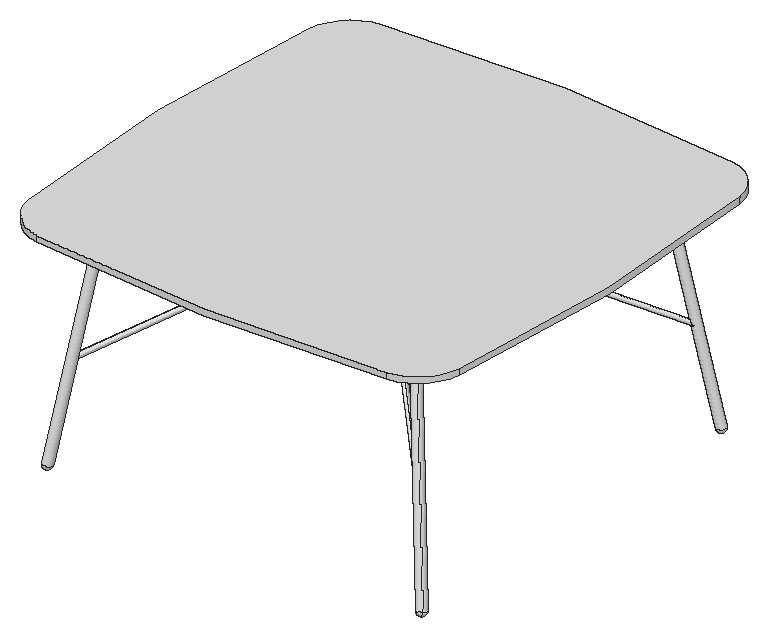
Revit family "Elan_Bing_Rectangular_CoffeeTable_30", category Furniture, Revit 2015
Parameters (values of type "30"")
  Width = 2' - 6"
  URL = "http://elanbydecca.com"
  Product URL = "http://elanbydecca.com/PDFs/PriceList/Bing%20Price%20List.pdf"
  Model = "FT CT125"
  Manufacturer = "Decca Elan"
  L30 = no
  Height = 1' - 3"
  Description = "Bing Coffee Table"
  Top [instance] = Furniture - DECCA (Elan) - Bing - Table Top
  Depth = 2' - 6"
  Base [instance] = Furniture - DECCA (Elan) - Bing - Base
  Assembly Description = "Furniture & Accessories"
  Assembly Code = "E2020200"
Types (3): name | L30
  (no name) | no
  30" | no
  30" (Layup) | yes
Reference planes (in)
  plane 1 "Center Front/Back": y = 1.1226003
  plane 2: z = 0
  plane 3 "Center Left/Right": x = 0
  plane 4 "L": x = -15
  plane 5 "R": x = 15
  plane 6 "top": z = 15
  plane 7 "F": y = -13.8773997
  plane 8: y = 16.1226003
  plane 9: through (-6.2533827, 2.3323677, 23.3895262) normal (0.4297, -0.4297, 0.7941)
  plane 10: z = 14.625
  plane 11: z = 14
  plane 12: z = 14.1181102
Forms (in)
  Extrusion 1, solid, material "Furniture - DECCA (Elan) - Bing - Base" <- "Base"
    sketch origin (0.7937983, 0.328802, 6.423543) x (-0.707107, 0.707107, 0) y (-0.707107, -0.707107, 0)
      loop
        arc (-0.8772715, -13.2713247) -> (1.1226003, -15.2711964) -> (3.122472, -13.2713247) r 1.9998717
        line (3.122472, -13.2713247) -> (3.122472, -1.9998717) -> (14.3939249, -1.9998717)
        arc (14.3939249, -1.9998717) -> (16.3937966, 0) -> (14.3939249, 1.9998717) r 1.9998717
        line (14.3939249, 1.9998717) -> (3.122472, 1.9998717) -> (3.122472, 13.2713247)
        arc (3.122472, 13.2713247) -> (1.1226003, 15.2711964) -> (-0.8772715, 13.2713247) r 1.9998717
        line (-0.8772715, 13.2713247) -> (-0.8772715, 1.9998717) -> (-12.1487244, 1.9998717)
        arc (-12.1487244, 1.9998717) -> (-14.1485961, 0) -> (-12.1487244, -1.9998717) r 1.9998717
        line (-12.1487244, -1.9998717) -> (-0.8772715, -1.9998717) -> (-0.8772715, -13.2713247)
    from 7.576457 to 7.6945673
  Revolve 2, solid, material "Furniture - DECCA (Elan) - Bing - Base" <- "Base"
    sketch origin (-1.4952095, 2.6178098, 0) x (0.707107, -0.707107, 0) y (0, 0, -1)
      loop
        line (-12.6508633, -14.1102977) -> (-15.5440446, 0)
        arc (-15.5440446, 0) -> (-15.7421273, -0.1340483) -> (-15.7874065, -0.3689004) r 0.3125
        line (-15.7874065, -0.3689004) -> (-12.9698647, -14.1102977) -> (-12.6508633, -14.1102977)
      axis (-15.5440446, 0) -> (-12.6508633, -14.1102977)
    angle from 0 to 360
  Sweep 3, solid, material "Furniture - DECCA (Elan) - Bing - Base" <- "Base"
    path origin (0.7937983, 1.9163985, 0) x (-0.707107, -0.707107, 0) y (0, 0, 1)
      loop
        line (17.3077315, 6.570585) -> (1.5361056, 13.7332856)
        arc (1.5361056, 13.7332856) -> (1.1226003, 13.8227839) -> (0.7090949, 13.7332856) r 1
        line (0.7090949, 13.7332856) -> (-15.062531, 6.570585)
    profile origin (-5.8685042, -4.745904, 10.1519353) x (0.292392, 0.292392, -0.910502) y (-0.707107, 0.707107, 0)
      loop
        circle (0, 0) r 0.15625
  Revolve 4, solid, material "Furniture - DECCA (Elan) - Bing - Base" <- "Base"
    sketch origin (1.4952095, -0.3726093, 0) x (-0.707107, 0.707107, 0) y (0, 0, 1)
      loop
        line (-12.6508633, 14.1102977) -> (-12.9698647, 14.1102977) -> (-15.7874065, 0.3689004)
        arc (-15.7874065, 0.3689004) -> (-15.7421273, 0.1340483) -> (-15.5440446, 0) r 0.3125
        line (-15.5440446, 0) -> (-12.6508633, 14.1102977)
      axis (-15.5440446, 0) -> (-12.6508633, 14.1102977)
    angle from 0 to 360
  Revolve 5, solid, material "Furniture - DECCA (Elan) - Bing - Base" <- "Base"
    sketch origin (-1.4952095, -0.3726093, 0) x (0.707107, 0.707107, 0) y (0, 0, -1)
      loop
        line (-12.6508633, -14.1102977) -> (-15.5440446, 0)
        arc (-15.5440446, 0) -> (-15.7421273, -0.1340483) -> (-15.7874065, -0.3689004) r 0.3125
        line (-15.7874065, -0.3689004) -> (-12.9698647, -14.1102977) -> (-12.6508633, -14.1102977)
      axis (-15.5440446, 0) -> (-12.6508633, -14.1102977)
    angle from 0 to 360
  Revolve 6, solid, material "Furniture - DECCA (Elan) - Bing - Base" <- "Base"
    sketch origin (1.4952095, 2.6178098, 0) x (-0.707107, -0.707107, 0) y (0, 0, 1)
      loop
        line (-12.6508633, 14.1102977) -> (-12.9698647, 14.1102977) -> (-15.7874065, 0.3689004)
        arc (-15.7874065, 0.3689004) -> (-15.7421273, 0.1340483) -> (-15.5440446, 0) r 0.3125
        line (-15.5440446, 0) -> (-12.6508633, 14.1102977)
      axis (-15.5440446, 0) -> (-12.6508633, 14.1102977)
    angle from 0 to 360
  Sweep 7, solid, material "Furniture - DECCA (Elan) - Bing - Base" <- "Base"
    path origin (-0.7937983, 1.9163985, 0) x (0.707107, -0.707107, 0) y (0, 0, 1)
      loop
        line (17.3077315, 6.570585) -> (1.5361056, 13.7332856)
        arc (1.5361056, 13.7332856) -> (1.1226003, 13.8227839) -> (0.7090949, 13.7332856) r 1
        line (0.7090949, 13.7332856) -> (-15.062531, 6.570585)
    profile origin (5.8685042, -4.745904, 10.1519353) x (-0.292392, 0.292392, -0.910502) y (-0.707107, -0.707107, 0)
      loop
        circle (0, 0) r 0.15625
  Sweep 8, solid, material "Furniture - DECCA (Elan) - Bing - Table Top" <- "Top"
    path origin (0, 0, 15) x (-1, 0, 0) y (0, -1, 0)
      loop
        arc (12.5080344, 10.292943) -> (12.1507869, 11.0281866) -> (11.4155433, 11.3854342) r 1.25
        arc (11.4155433, 11.3854342) -> (0, 12.0665726) -> (-11.4155433, 11.3854342) r 96
        arc (-11.4155433, 11.3854342) -> (-12.1507869, 11.0281866) -> (-12.5080344, 10.292943) r 1.25
        arc (-12.5080344, 10.292943) -> (-13.1891728, -1.1226003) -> (-12.5080344, -12.5381435) r 96
        arc (-12.5080344, -12.5381435) -> (-12.1507869, -13.2733871) -> (-11.4155433, -13.6306347) r 1.25
        arc (-11.4155433, -13.6306347) -> (0, -14.3117731) -> (11.4155433, -13.6306347) r 96
        arc (11.4155433, -13.6306347) -> (12.1507869, -13.2733871) -> (12.5080344, -12.5381435) r 1.25
        arc (12.5080344, -12.5381435) -> (13.1891728, -1.1226003) -> (12.5080344, 10.292943) r 96
    profile origin (-13.1891728, 1.1226003, 15) x (-1, 0, 0) y (0, 0, 1)
      loop
        line (0, 0) -> (0, -1) -> (0.0590209, -1) -> (1.8108272, -0.375) -> (1.8108272, 0) -> (0, 0)
  Extrusion 9, solid, material "Furniture - DECCA (Elan) - Bing - Table Top" <- "Top"
    sketch origin (0, 0, 15) x (-1, 0, 0) y (0, -1, 0)
      loop
        arc (11.4155433, -13.6306347) -> (12.1507869, -13.2733871) -> (12.5080344, -12.5381435) r 1.25
        arc (12.5080344, -12.5381435) -> (13.1891728, -1.1226003) -> (12.5080344, 10.292943) r 96
        arc (12.5080344, 10.292943) -> (12.1507869, 11.0281866) -> (11.4155433, 11.3854342) r 1.25
        arc (11.4155433, 11.3854342) -> (0, 12.0665726) -> (-11.4155433, 11.3854342) r 96
        arc (-11.4155433, 11.3854342) -> (-12.1507869, 11.0281866) -> (-12.5080344, 10.292943) r 1.25
        arc (-12.5080344, 10.292943) -> (-13.1891728, -1.1226003) -> (-12.5080344, -12.5381435) r 96
        arc (-12.5080344, -12.5381435) -> (-12.1507869, -13.2733871) -> (-11.4155433, -13.6306347) r 1.25
        arc (-11.4155433, -13.6306347) -> (0, -14.3117731) -> (11.4155433, -13.6306347) r 96
    from -0.8818898 to 0
Cuts and joins
  joined: Sweep 8, Extrusion 9
Lines and regions (in)
  model lines, visible <- "L30"
    curve 1: line (-14.7329363, -6.200656, 15) -> (0.3239284, 16.1220639, 15)
    curve 2: line (-7.7524335, 4.1483649, 15) -> (5.6965801, -13.6990789, 15)
    curve 3: line (-2.2855172, -3.1064781, 15) -> (14.9407139, 3.1633572, 15)
Dimensions and locks (in)
  equal spacing: plane 4 "L", plane 3 "Center Left/Right", plane 5 "R"
  equal spacing: plane 8, plane 1 "Center Front/Back", plane 7 "F"
  "Width": plane 4 "L" to plane 5 "R"
  "Depth": plane 8 to plane 7 "F"
  "Height": plane 6 "top" to level
  plane 6 "top" to plane 10 to plane 12 to plane 11 = 0' - 0 3/8" locked, 0' - 0.50689" locked, 0' - 0.11811" locked
  aligned and locked: plane 6 "top" to Extrusion 9
  aligned and locked: Extrusion 9 to plane 12
Automatic sketch dimensions
  plane 1 "Center Front/Back" to Extrusion 1 sketch curve = 0' - 0"  (x2)
  Extrusion 1 sketch curve to plane 3 "Center Left/Right" = 0' - 0"  (x2)
  plane 5 "R" to Extrusion 1 sketch curve = 0' - 4.20163"
  plane 7 "F" to Extrusion 1 sketch curve = 0' - 7.02988"
  Extrusion 1 sketch curve to Extrusion 1 sketch curve = 0' - 0"
  Extrusion 1 sketch curve to Extrusion 1 sketch curve = 0' - 1.99987"  (x2)
  Extrusion 1 sketch curve to Extrusion 1 sketch curve = 0' - 11.27145"  (x3)
  level to Revolve 2 sketch curve = 0' - 0"  (x2)
  level to Revolve 2 sketch curve = 0' - 0.3689"
  Revolve 2 sketch curve to plane 9 = 2' - 1.95407"
  Revolve 2 sketch curve to Revolve 2 sketch curve = 0' - 0.24336"
  level to Revolve 2 sketch curve = 0' - 0.30613"
  Revolve 2 sketch curve to plane 12 = 0' - 0 1/128"
  Revolve 2 sketch curve to Revolve 2 sketch curve = 0' - 2.81754"
  Revolve 2 sketch curve to Revolve 2 sketch curve = 0' - 0.319"
  Revolve 2 sketch curve to Revolve 2 sketch curve = 0' - 0"
  Revolve 2 sketch curve to plane 12 = 0' - 0 3/128"
  Revolve 2 sketch curve to Revolve 2 sketch curve = 0' - 0.0032"
  Sweep 3 sketch curve to plane 11 = 0' - 0.26671"  (x2)
  Sweep 3 sketch curve to Sweep 3 sketch curve = 0' - 0.41351"
  Sweep 3 sketch curve to Sweep 3 sketch curve = 0' - 0.9105"
  level to Sweep 3 sketch curve = 0' - 6.57059"  (x2)
  Sweep 3 sketch curve to Sweep 3 sketch curve = 1' - 3.77163"  (x2)
  profile plane to Sweep 3 sketch curve = 0' - 0"
  Sweep 3 sketch curve to profile plane = 0' - 0"
  level to Revolve 4 sketch curve = 0' - 0"  (x2)
  level to Revolve 4 sketch curve = 0' - 0.3689"
  Revolve 4 sketch curve to plane 9 = 0' - 4.19475"
  Revolve 4 sketch curve to Revolve 4 sketch curve = 0' - 0.24336"
  level to Revolve 4 sketch curve = 0' - 0.30613"
  Revolve 4 sketch curve to plane 12 = 0' - 0 1/128"
  Revolve 4 sketch curve to Revolve 4 sketch curve = 0' - 2.81754"
  Revolve 4 sketch curve to Revolve 4 sketch curve = 0' - 0.319"
  Revolve 4 sketch curve to Revolve 4 sketch curve = 0' - 0"
  Revolve 4 sketch curve to plane 12 = 0' - 0 3/128"
  Revolve 4 sketch curve to Revolve 4 sketch curve = 0' - 0.0032"
  level to Revolve 5 sketch curve = 0' - 0"  (x2)
  level to Revolve 5 sketch curve = 0' - 0.3689"
  Revolve 5 sketch curve to Revolve 5 sketch curve = 0' - 0.24336"
  level to Revolve 5 sketch curve = 0' - 0.30613"
  Revolve 5 sketch curve to plane 12 = 0' - 0 1/128"
  Revolve 5 sketch curve to Revolve 5 sketch curve = 0' - 2.81754"
  Revolve 5 sketch curve to Revolve 5 sketch curve = 0' - 0.319"
  Revolve 5 sketch curve to Revolve 5 sketch curve = 0' - 0"
  Revolve 5 sketch curve to plane 12 = 0' - 0 3/128"
  Revolve 5 sketch curve to Revolve 5 sketch curve = 0' - 0.0032"
  level to Revolve 6 sketch curve = 0' - 0"  (x2)
  level to Revolve 6 sketch curve = 0' - 0.3689"
  Revolve 6 sketch curve to Revolve 6 sketch curve = 0' - 0.24336"
  level to Revolve 6 sketch curve = 0' - 0.30613"
  Revolve 6 sketch curve to plane 12 = 0' - 0 1/128"
  Revolve 6 sketch curve to Revolve 6 sketch curve = 0' - 2.81754"
  Revolve 6 sketch curve to Revolve 6 sketch curve = 0' - 0.319"
  Revolve 6 sketch curve to Revolve 6 sketch curve = 0' - 0"
  Revolve 6 sketch curve to plane 12 = 0' - 0 3/128"
  Revolve 6 sketch curve to Revolve 6 sketch curve = 0' - 0.0032"
  Sweep 7 sketch curve to plane 11 = 0' - 0.26671"  (x2)
  Sweep 7 sketch curve to plane 9 = 0' - 4.71253"
  Sweep 7 sketch curve to Sweep 7 sketch curve = 0' - 0.41351"
  Sweep 7 sketch curve to Sweep 7 sketch curve = 0' - 0.9105"
  level to Sweep 7 sketch curve = 0' - 6.57059"  (x2)
  Sweep 7 sketch curve to Sweep 7 sketch curve = 1' - 3.77163"  (x2)
  profile plane to Sweep 7 sketch curve = 0' - 0"  (x2)
  plane 1 "Center Front/Back" to Sweep 8 sketch curve = 0' - 0"
  Sweep 8 sketch curve to plane 3 "Center Left/Right" = 0' - 0"  (x2)
  Sweep 8 sketch curve to plane 1 "Center Front/Back" = 0' - 0"
  plane 5 "R" to Sweep 8 sketch curve = 0' - 3.7331"  (x2)
  plane 4 "L" to Sweep 8 sketch curve = 0' - 3.7331"  (x2)
  Sweep 8 sketch curve to plane 4 "L" = 5' - 7.81083"
  Sweep 8 sketch curve to plane 8 = 0' - 3.7331"  (x2)
  plane 7 "F" to Sweep 8 sketch curve = 0' - 3.7331"
  Sweep 8 sketch curve to plane 7 "F" = 5' - 7.81083"
  Sweep 8 sketch curve to Sweep 8 sketch curve = 0' - 0.14864"  (x3)
  Sweep 8 sketch curve to Sweep 8 sketch curve = 0' - 0"  (x7)
  Sweep 8 sketch curve to Sweep 8 sketch curve = 0' - 1.24113"
  Sweep 8 sketch curve to profile plane = 0' - 0"
  Sweep 8 sketch curve to plane 6 "top" = 0' - 0"
  Sweep 8 sketch curve to Sweep 8 sketch curve = 0' - 0.05902"
  Sweep 8 sketch curve to plane 6 "top" = 0' - 0 3/8"
  Sweep 8 sketch curve to profile plane = 0' - 1.81083"
  Sweep 8 sketch curve to plane 6 "top" = 0' - 1"
  plane 1 "Center Front/Back" to Extrusion 9 sketch curve = 0' - 0"
  Extrusion 9 sketch curve to plane 3 "Center Left/Right" = 0' - 0"  (x2)
  Extrusion 9 sketch curve to plane 1 "Center Front/Back" = 0' - 0"
  plane 5 "R" to Extrusion 9 sketch curve = 0' - 3.7331"  (x2)
  Extrusion 9 sketch curve to plane 5 "R" = 5' - 7.81083"
  plane 4 "L" to Extrusion 9 sketch curve = 0' - 3.7331"  (x2)
  Extrusion 9 sketch curve to plane 4 "L" = 5' - 7.81083"
  Extrusion 9 sketch curve to plane 8 = 0' - 3.7331"  (x2)
  plane 8 to Extrusion 9 sketch curve = 5' - 7.81083"
  plane 7 "F" to Extrusion 9 sketch curve = 0' - 3.7331"  (x2)
  Extrusion 9 sketch curve to plane 7 "F" = 5' - 7.81083"
  Extrusion 9 sketch curve to Extrusion 9 sketch curve = 0' - 0.14864"  (x2)
  Extrusion 9 sketch curve to Extrusion 9 sketch curve = 0' - 0"  (x6)
  plane 5 "R" to curve 3 = 0' - 0.05929"
  curve 1 to plane 8 = 0' - 0.00054"
  plane 7 "F" to curve 2 = 0' - 0.17832"
  plane 3 "Center Left/Right" to curve 2 = 0' - 5.69658"
  plane 3 "Center Left/Right" to curve 1 = 0' - 0.32393"
  curve 3 to plane 3 "Center Left/Right" = 0' - 2.28552"
  curve 2 to plane 1 "Center Front/Back" = 0' - 3.02576"
  curve 2 to plane 3 "Center Left/Right" = 0' - 7.75243"
  plane 4 "L" to curve 1 = 0' - 0.26706"
  curve 3 to plane 1 "Center Front/Back" = 0' - 2.04076"
  radius of Sweep 3 sketch curve = 0' - 0 5/32"
  radius of Sweep 7 sketch curve = 0' - 0 5/32"
